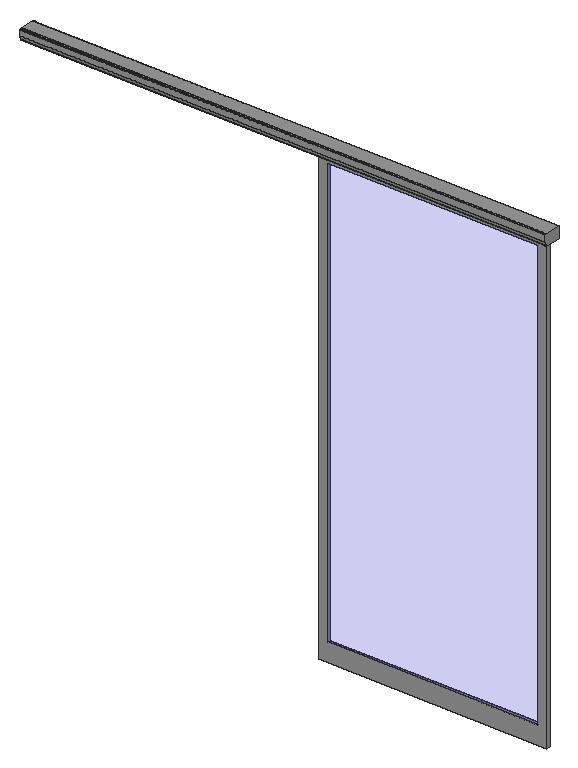
Revit family "DAS200 1AM  SX", category Doors, host Wall, Revit 2019
Family settings
  Host = Wall
  OmniClass Number = 23.30.10.00
  OmniClass Title = Doors
  Always vertical = Yes
  Cut with Voids When Loaded = No
  Shared = No
  Room Calculation Point = No
Parameters
  Weight = 120.00 kg
  Velocity = 0.65 m/s
  Uniclass 2015 Name = "Automatic sliding door operator"
  Uniclass 2.0 Description = "Sliding Doorset Systems"
  Uniclass 2.0 Code = "SS_25-30-20-77"
  Uniclass 1.4 Description = "Doors"
  Uniclass 1.4 Code = "JL20"
  Unicalss 2015 Code = "Pr 73_30_23_05"
  UNSPSC Code = "301715"
  Open door [instance] = if(Open < 1 mm, 1 mm, (if(Open < Width, Open, Width)))  # 1000 mm
  Open [instance] = 1000 mm
  Max Width = 3240 mm  # constant formula
  Max Operator Length = 6600 mm  # constant formula
  Frame = Aluminum + Glass
  Region South America = "All"
  Region Oceania = "All"
  Region North America = "All"
  Region Middle East = "All"
  Region Europe = "All"
  Region Asia = "All"
  Region Antartica = "All"
  QR code = ""
  Protection rating = "IP20"
  Product group = "Sliding Automatic Doors"
  Product family = "Automatic Doors"
  Power supply = "100÷240 Vac @ 50/60 MHz"
  Operator = Aluminum
  Operating temperature = "-20 ° C / +50 ° C"
  OmniClass Description = "Doors"
  OmniClass Code = "23-17 11 00"
  NBS Reference Description = "Sliding Doorset Systems"
  NBS Reference Code = "25-30-20-77"
  Max nominal power = "75 W"
  Masterformat 2016 Description = "Operation and Maintenance of Sliding Glass Doors"
  Masterformat 2016 Code = "08 01 32"
  Manufacturer name = "Entrematic Italy"
  Manufacturer country = "China"
  Operator Length = Width * 2 + 300 mm  # 2300 mm
  Width = 1000 mm
  IFC Classification = "Door"
  Endurance test = "1000000 cyrcle"
  Edition number = "1"
  Drive type = "electromechanical unit"
  Dimensions = "120x185 mm"
  Design country = "Italy"
  Description = "automation for sliding doors"
  Calc Width = if(Width > 475 mm, Width, (if(Width < Max Width, Width, Max Width)))  # 1000 mm
  Calc Operator Length [instance] = if(Operator Length < Calc Width + 20 mm, Calc Width + 20 mm, (if(Operator Length < Max Operator Length, Operator Length, 5600 mm)))  # 2300 mm
  Brand url = "http://www.ditecentrematic.com/"
  Brand = "Ditec"
  BIMobject Category = "Sliding"
  Wall Closure = By host
  Auxiliary power = "0.64 A @ 24 Vdc"
  Height = 2000 mm
Reference planes
  plane 1: y = 0
  plane 2 "Centro (Sinistra/Destra)": x = 0
  plane 3 "Sinistra": x = -500
  plane 4 "Destra": x = 500
  plane 5: z = 2000
  plane 6 "Esterni": y = 75
  plane 7 "Interno": y = -75
  plane 8: x = 1530
  plane 9: x = -770
  plane 10: y = -87
  plane 11: x = -760
  plane 12: x = 500
  plane 13: x = -760
Lines and regions (mm)
  Opening 1
    outline origin (-3050, -75, 0) x (1, 0, 0) y (0, 0, 1)
      loop
        line (2550, 0) -> (3550, 0) -> (3550, 2000) -> (2550, 2000) -> (2550, 0)
Text (mm)
  text "Exterior" at (-2295.016, 1099.543, 0), in view "Livello rif."
  text "Exterior" at (0, 1615.38, 3698.081), in view "Sinistra"
  text "Exterior" at (0, 1036.032, 3874.932), in view "Destra"
Dimensions and locks
  equal spacing: plane 3 "Sinistra", plane 2 "Centro (Sinistra/Destra)", plane 4 "Destra"
  "Calc Width": plane 3 "Sinistra" to plane 4 "Destra"
  "Height": plane 5 to host wall
  host wall to plane 5 = 2000 mm  (x2)
  locked: plane 6 "Esterni" to host wall at 0
  locked: plane 7 "Interno" to host wall
  locked: plane 10 to plane 7 "Interno" at 12
  locked: plane 9 to plane 11 at 10
  "Calc Operator Length": plane 8 to plane 9
  locked: plane 3 "Sinistra" to plane 13 at 260
  "Open door": plane 3 "Sinistra" to plane 12
  aligned and locked: plane 3 "Sinistra" to Opening 1 sketch curve
  aligned and locked: plane 5 to Opening 1 sketch curve  (x2)
  aligned and locked: Opening 1 sketch curve to plane 4 "Destra"
  aligned and locked: Opening 1 sketch curve to level
  aligned and locked: plane 1 to host wall
  aligned and locked: nested 1 to plane 10
  aligned and locked: plane 5 to nested 2
  aligned and locked: nested 2 to plane 7 "Interno"
  aligned and locked: nested 2 to plane 9
  aligned and locked: nested 1 to plane 12
  aligned and locked: plane 7 "Interno" to nested 3
  aligned and locked: nested 3 to plane 9
  aligned and locked: plane 8 to nested 4
  aligned and locked: nested 4 to plane 7 "Interno"
  aligned and locked: plane 5 to nested 4
  aligned and locked: plane 12 to nested 5
  aligned and locked: nested 5 to plane 10
  aligned and locked: plane 11 to plane 13
Nested families
  nested 1: "Frame" at (816.978, -112, 0), Frame <- "Operator", Glass <- "Frame", Hight <- "Height", Length <- "Calc Width", type "Frame", detail levels medium+fine
    with Length 1000 mm, Hight 2000 mm, Glass Aluminum + Glass, Frame Aluminum
  nested 2: "Operator" at (380, -146.5, 2000), Operator Length <- "Calc Operator Length", type "Operator", detail levels coarse+medium
    with Operator Material none, Operator Length 2300 mm
  nested 3: "Family1" at (-402.348, -140.409, 0), Operator <- "Calc Operator Length", type "Family1"
    with Operator 2300 mm
  nested 4: "Operator DETTAGLIO" at (380, -146.5, 2000), Operator Length <- "Calc Operator Length", Operator Material <- "Operator", type "Operator DETTAGLIO", detail levels fine
    with Operator Material Aluminum, Operator Length 2300 mm
  nested 5: "Frame LOW" at (816.978, -112, 0), Frame <- "Operator", Glass <- "Frame", Hight <- "Height", Length <- "Calc Width", type "Frame LOW", detail levels coarse
    with Length 1000 mm, Hight 2000 mm, Glass Aluminum + Glass, Frame Aluminum
Connectors
  electrical at (380, -110.75, 2050)
    settings: on nested 2, index 1, voltage 100 V, apparent load 0 VA, apparent load phase1 0 VA, apparent load phase2 0 VA, apparent load phase3 0 VA, power factor 1, load classification "Altro", number of poles 1, system type 31, power factor state 1, is connector primary yes, connector utility no, sub classification motor no, connector description ""
Definition of nested family "Frame"
  Parameters (values of type "Frame")
    Glass [instance] = none
    Frame [instance] = none
    Length [instance] = 1000 mm
    Hight [instance] = 2000 mm
  Reference planes
    plane 1 "Centro (Fronte/Retro)": y = 0
    plane 2: z = 0
    plane 3 "Centro (Sinistra/Destra)": x = 0
    plane 4: x = 683.022
    plane 5: x = -316.978
    plane 6: x = -276.978
    plane 7: x = 643.022
    plane 8: z = 2000
    plane 9: y = 10
    plane 10: y = 25
    plane 11: z = 80
    plane 12: z = 1960
  Forms (mm)
    Extrusion 1, solid, material <- "Frame"
      sketch origin (0, 0, 0) x (1, 0, 0) y (0, 0, 1)
        loop
          line (683.022, 0) -> (683.022, 2000) -> (-316.978, 2000) -> (-316.978, 0) -> (683.022, 0)
        loop
          line (-276.978, 1960) -> (-276.978, 80) -> (643.022, 80) -> (643.022, 1960) -> (-276.978, 1960)
      from -25 to -10
    Extrusion 2, solid, material <- "Glass"
      sketch origin (0, 0, 0) x (1, 0, 0) y (0, 0, 1)
        loop
          line (643.022, 1960) -> (-276.978, 1960) -> (-276.978, 80) -> (643.022, 80) -> (643.022, 1960)
      from -25 to -10
  Lines and regions (mm)
    symbolic lines, detail levels medium+fine
      curve 1: line (683.022, 25, 0) -> (-316.978, 25, 0)
      curve 2: line (-316.978, 10, 0) -> (683.022, 10, 0)
      curve 3: line (-316.978, 25, 0) -> (-316.978, 10, 0)
      curve 4: line (-276.978, 25, 0) -> (-276.978, 10, 0)
      curve 5: line (643.022, 10, 0) -> (643.022, 25, 0)
      curve 6: line (683.022, 10, 0) -> (683.022, 25, 0)
    symbolic lines, detail levels fine
      curve 7: line (-276.978, 22.02, 0) -> (643.022, 22.02, 0)
      curve 8: line (643.022, 12.645, 0) -> (-276.978, 12.645, 0)
  Dimensions and locks
    locked: plane 7 to plane 4 at 40
    locked: plane 5 to plane 6 at 40
    plane 8 to plane 2 = 2000 mm
    plane 10 to plane 9 to plane 1 "Centro (Fronte/Retro)" = 15 mm, 10 mm
    locked: plane 12 to plane 8 at 40
    locked: plane 2 to plane 11 at 80
    "Length": plane 4 to plane 5
    "Hight": plane 8 to plane 2
    aligned and locked: level to plane 2
    aligned and locked: plane 4 to Extrusion 1 sketch curve
    aligned and locked: plane 2 to Extrusion 1 sketch curve
    aligned and locked: plane 5 to Extrusion 1 sketch curve
    aligned and locked: plane 8 to Extrusion 1 sketch curve
    aligned and locked: plane 12 to Extrusion 1 sketch curve
    aligned and locked: plane 7 to Extrusion 1 sketch curve
    aligned and locked: plane 11 to Extrusion 1 sketch curve
    aligned and locked: plane 6 to Extrusion 1 sketch curve
    aligned and locked: plane 10 to Extrusion 1
    aligned and locked: Extrusion 1 to plane 9
    aligned and locked: Extrusion 2 sketch curve to plane 12
    aligned and locked: Extrusion 2 sketch curve to plane 7
    aligned and locked: Extrusion 2 sketch curve to plane 6
    aligned and locked: Extrusion 2 sketch curve to plane 11
    aligned and locked: Extrusion 2 to plane 9
    aligned and locked: curve 1 to Extrusion 1
    aligned and locked: curve 2 to Extrusion 1
    aligned and locked: curve 3 to Extrusion 1
    aligned and locked: curve 4 to Extrusion 2
    aligned and locked: curve 5 to Extrusion 2
    aligned and locked: curve 6 to Extrusion 1
  Automatic sketch dimensions
    curve 1 to plane 5 = 0 mm
    curve 4 to plane 6 = 0 mm
    curve 8 to plane 7 = 0 mm
    curve 6 to plane 4 = 0 mm
    curve 4 to plane 9 = 0 mm
    curve 6 to plane 10 = 0 mm
    plane 9 to curve 8 = 2.645 mm
    curve 7 to curve 4 = 2.98 mm
Definition of nested family "Operator"
  Parameters (values of type "Operator")
    Operator Material [instance] = none
    Operator Length [instance] = 3000 mm
  Reference planes
    plane 1 "Centro (Fronte/Retro)": y = 0
    plane 2: z = 0
    plane 3 "Centro (Sinistra/Destra)": x = 0
    plane 4: y = 71.5
    plane 5: y = -71.5
    plane 6: x = -1500
    plane 7: x = 1500
    plane 8: z = 50
  Forms (mm)
    Extrusion 1, solid, material <- "Operator Material"
      sketch origin (0, 0, 0) x (1, 0, 0) y (0, 1, 0)
        loop
          line (-1500, 71.5) -> (-1500, 0) -> (1500, 0) -> (1500, 71.5) -> (-1500, 71.5)
      from 0 to 50
  Dimensions and locks
    equal spacing: plane 6, plane 3 "Centro (Sinistra/Destra)", plane 7
    equal spacing: plane 4, plane 1 "Centro (Fronte/Retro)", plane 5
    plane 8 to plane 2 = 50 mm
    locked: plane 4 to plane 5 at 143
    "Operator Length": plane 6 to plane 7
    aligned and locked: level to plane 2
    aligned and locked: Extrusion 1 sketch curve to plane 4
    aligned and locked: Extrusion 1 sketch curve to plane 6
    aligned and locked: Extrusion 1 sketch curve to plane 7
    aligned and locked: plane 1 "Centro (Fronte/Retro)" to Extrusion 1
    aligned and locked: plane 8 to Extrusion 1
  Automatic sketch dimensions
    plane 5 to Extrusion 1 sketch curve = 71.5 mm
Definition of nested family "Operator DETTAGLIO"
  Parameters (values of type "Operator DETTAGLIO")
    Operator Material [instance] = none
    Operator Length [instance] = 2000 mm
  Reference planes
    plane 1 "Centro (Fronte/Retro)": y = 0
    plane 2: z = 0
    plane 3 "Centro (Sinistra/Destra)": x = 0
    plane 4: y = 71.5
    plane 5: y = -71.5
    plane 6: x = -1000
    plane 7: x = 1000
    plane 8: z = 120
    plane 9: x = -280
    plane 10: x = 280
    plane 11: y = 68.044
    plane 12: x = -963.344
  Forms (mm)
    Extrusion 1, solid, material <- "Operator Material"
      sketch origin (0, 0.003, 63.383) x (0, 1, 0) y (0, 0, 1)
        loop
          arc (70.713, -63.383) -> (71.269, -63.153) -> (71.5, -62.596) r 0.787
          line (71.5, -62.596) -> (71.5, -16.533)
          arc (71.5, -16.533) -> (71.269, -15.976) -> (70.713, -15.746) r 0.787
          line (70.713, -15.746) -> (5.873, -15.746) -> (0.043, -16.57) -> (0.043, -17.946) -> (-0.941, -19.559) -> (-0.941, -44.092) -> (5.15, -62.839)
          arc (5.15, -62.839) -> (5.436, -63.233) -> (5.899, -63.383) r 0.787
          line (5.899, -63.383) -> (70.713, -63.383)
      from -1000 to 1000
  Dimensions and locks
    equal spacing: plane 6, plane 3 "Centro (Sinistra/Destra)", plane 7
    equal spacing: plane 4, plane 1 "Centro (Fronte/Retro)", plane 5
    plane 8 to plane 2 = 120 mm
    locked: plane 4 to plane 5 at 143
    "Operator Length": plane 6 to plane 7
    locked: plane 9 to plane 3 "Centro (Sinistra/Destra)" at 280
    locked: plane 3 "Centro (Sinistra/Destra)" to plane 10 at 280
    locked: plane 11 to plane 4 at 3.456
    aligned and locked: level to plane 2
    aligned and locked: plane 7 to Extrusion 1
    aligned and locked: Extrusion 1 to plane 6
    aligned and locked: plane 2 to Extrusion 1 sketch curve
  Automatic sketch dimensions
    Extrusion 1 sketch curve to plane 5 = 70.562 mm
    Extrusion 1 sketch curve to plane 5 = 71.547 mm
    Extrusion 1 sketch curve to level = 0.544 mm
    Extrusion 1 sketch curve to plane 5 = 76.654 mm
    Extrusion 1 sketch curve to Extrusion 1 sketch curve = 5.83 mm
    Extrusion 1 sketch curve to Extrusion 1 sketch curve = 0.749 mm
    plane 1 "Centro (Fronte/Retro)" to Extrusion 1 sketch curve = 70.716 mm  (x2)
    Extrusion 1 sketch curve to level = 0.787 mm
    Extrusion 1 sketch curve to level = 19.291 mm
    Extrusion 1 sketch curve to Extrusion 1 sketch curve = 24.533 mm
    Extrusion 1 sketch curve to Extrusion 1 sketch curve = 1.613 mm
    Extrusion 1 sketch curve to Extrusion 1 sketch curve = 1.377 mm
    Extrusion 1 sketch curve to Extrusion 1 sketch curve = 46.063 mm
Definition of nested family "Frame LOW"
  Parameters (values of type "Frame LOW")
    Glass [instance] = none
    Frame [instance] = none
    Length [instance] = 1000 mm
    Hight [instance] = 2000 mm
  Reference planes
    plane 1 "Centro (Fronte/Retro)": y = 0
    plane 2: z = 0
    plane 3 "Centro (Sinistra/Destra)": x = 0
    plane 4: x = 683.022
    plane 5: x = -316.978
    plane 6: x = -276.978
    plane 7: x = 643.022
    plane 8: z = 2000
    plane 9: y = 10
    plane 10: y = 25
    plane 11: z = 80
    plane 12: z = 1960
  Forms (mm)
    Extrusion 1, solid, material <- "Glass"
      sketch origin (0, 0, 0) x (1, 0, 0) y (0, 0, 1)
        loop
          line (683.022, 2000) -> (-316.978, 2000) -> (-316.978, 0) -> (683.022, 0) -> (683.022, 2000)
      from -25 to -10
  Dimensions and locks
    locked: plane 7 to plane 4 at 40
    locked: plane 5 to plane 6 at 40
    plane 8 to plane 2 = 2000 mm
    locked: plane 12 to plane 8 at 40
    locked: plane 2 to plane 11 at 80
    "Length": plane 4 to plane 5
    "Hight": plane 8 to plane 2
    plane 10 to plane 9 = 15 mm
    aligned and locked: level to plane 2
    aligned and locked: Extrusion 1 to plane 9
    aligned and locked: Extrusion 1 sketch curve to plane 5
    aligned and locked: plane 8 to Extrusion 1 sketch curve
    aligned and locked: Extrusion 1 sketch curve to plane 4
    aligned and locked: plane 2 to Extrusion 1 sketch curve
Definition of nested family "Family1"
  Parameters (values of type "Family1")
    Operator [instance] = 722.652 mm
  Reference planes
    plane 1 "Center (Front/Back)": y = 0
    plane 2: z = 0
    plane 3 "Center (Left/Right)": x = 0
    plane 4: x = -367.652
    plane 5: x = 355
    plane 6: y = 65.409
    plane 7: y = -6.591
    plane 8: y = -35.362
  Lines and regions (mm)
    detail lines, in view "Ref. Level"
      curve 1: line (-367.652, 65.409, 0) -> (355, 65.409, 0)
      curve 2: line (-367.652, -6.591, 0) -> (355, -6.591, 0)
      curve 3: line (-367.652, 65.409, 0) -> (-367.652, -6.591, 0)
      curve 4: line (355, 65.409, 0) -> (355, -6.591, 0)
  Dimensions and locks
    "Operator": plane 4 to plane 5
    plane 6 to plane 7 = 72 mm
  Automatic sketch dimensions
    curve 2 to plane 7 = 0 mm
    curve 1 to plane 6 = 0 mm
    curve 1 to plane 4 = 0 mm
    plane 5 to curve 2 = 0 mm
